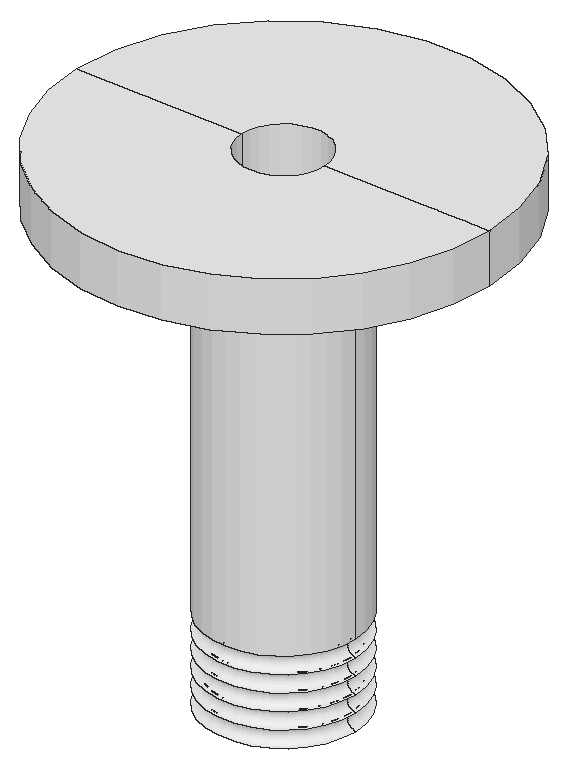
Revit family "xShower_Arm-American_Standard-Rain-1660.103", category Plumbing Fixtures, Revit 2014
Parameters (values of type "1660.103")
  Width = 7/8"  # constant formula
  Water Connection Radius = 1/4"  # constant formula
  Water Connection Diameter = 1/2"  # constant formula
  Waste Connection = no
  Warranty Information = "One Year General Product Warranty"  # constant formula
  WFU = 4  # constant formula
  Vent Connection = no
  URL = "https://www.americanstandard-us.com/"
  Product Page URL = "https://www.americanstandard-us.com/bathroom/shower-faucets/3-inch-ceiling-mount-shower-arm-23185"
  Product Documentation Link = "https://www.americanstandard-us.com/-/media/sites/asus/files/product-specs/bulk/specsheet1660103.pdf?la=en"
  Price = "Prices may vary. Please consult Manufacturer Representative for most up-to-date price list."  # constant formula
  Model = "1660.103"  # constant formula
  Material = "Brass-American Standard-002-Polished Chrome"
  Manufacturer = "American Standard"  # constant formula
  Length = 2 1/2"  # constant formula
  Installation Type = "Ceiling Mounted"  # constant formula
  Height = 3"
  HWFU = 3  # constant formula
  HW Connection = yes
  Finish = Brass-American Standard-002-Polished Chrome
  Description = "3\" Ceiling Mount Shower Arm"
  Default Elevation = 0"
  Creation Date = "01/25/2018"  # constant formula
  CWFU = 3  # constant formula
  CW Connection = yes
  Assembly Code = "D2010710"
Reference planes (in)
  plane 1 "Center (Front/Back)": y = 0
  plane 2: z = 0
  plane 3 "Center (Left/Right)": x = 0
  plane 4: x = 1.25
  plane 5: x = -1.25
  plane 6: x = 0.25
  plane 7: x = -0.25
  plane 8: z = -3
  plane 9: x = 0.4375
  plane 10: x = -0.4375
  plane 11: z = -2.5
Forms (in)
  Revolve 1, solid, material "Brass-American Standard-002-Polished Chrome" <- "Finish"
    sketch origin (0, 0, 0) x (1, 0, 0) y (0, 0, 1)
      loop
        line (0.25, 0) -> (0.25, -3) -> (0.4375, -3)
        arc (0.4375, -3) -> (0.3875, -2.95) -> (0.4375, -2.9) r 0.05
        arc (0.4375, -2.9) -> (0.3875, -2.85) -> (0.4375, -2.8) r 0.05
        arc (0.4375, -2.8) -> (0.3875, -2.75) -> (0.4375, -2.7) r 0.05
        arc (0.4375, -2.7) -> (0.3875, -2.65) -> (0.4375, -2.6) r 0.05
        arc (0.4375, -2.6) -> (0.3875, -2.55) -> (0.4375, -2.5) r 0.05
        line (0.4375, -2.5) -> (0.4375, -0.3) -> (1.25, -0.3) -> (1.25, 0) -> (0.25, 0)
      axis (0, 0) -> (0, -3)
    angle from 0 to 360
Lines and regions (in)
  Masking region 1
    outline origin (0, 0, 0) x (1, 0, 0) y (0, 1, 0)
      loop
        circle (0, 0) r 1.25
  symbolic lines, detail levels medium+fine
    curve 1: circle (0, 0, 0) r 0.25 normal (0, 0, 1)
Dimensions and locks (in)
  "Width": plane 9 to plane 10
  "Length": plane 4 to plane 5
  "Height": plane 2 to plane 8
  aligned and locked: plane 8 to Revolve 1
  aligned and locked: Revolve 1 sketch curve to plane 9
  aligned and locked: plane 6 to Revolve 1 sketch curve
  aligned and locked: Masking region 1 sketch curve to Revolve 1
Automatic sketch dimensions
  Revolve 1 sketch curve to plane 3 "Center (Left/Right)" = 0"
  Revolve 1 sketch curve to plane 8 = 0"
  Revolve 1 sketch curve to plane 9 = 0"  (x4)
  Revolve 1 sketch curve to level = 0"
  Revolve 1 sketch curve to plane 4 = 0"
  Revolve 1 sketch curve to Revolve 1 sketch curve = 0.05"  (x2)
  Revolve 1 sketch curve to Revolve 1 sketch curve = 0.1"  (x2)
  Revolve 1 sketch curve to plane 11 = 0.05"
  Revolve 1 sketch curve to level = 0.3"
  Revolve 1 sketch curve to Revolve 1 sketch curve = 0"  (x3)
  level to Revolve 1 sketch curve = 0.33886"
  Revolve 1 sketch curve to Revolve 1 sketch curve = 0.41114"
  Revolve 1 sketch curve to plane 11 = 0"
Connectors (in)
  piping at (0, 0, 0), diameter 0.5, driven by "Water Connection Diameter"
    settings: on Revolve 1, index 1, connector inside diameter 24", connector length 0", flow factor 0, pipe flow 0 GPM, pressure drop 0.00 psi, fitting loss kfactor 0, connector angle 0.00°, fixture units 0, engagement length 0", angle of deflection 0.00°, flow configuration 0, flow direction 1, fitting loss method 0, system type 29, joint type 0, gender type 0, connector reference index -1, connector utility 0, adjustable connector no, is connector primary yes, connector description "1/2\" NPT Supply Inlet"
